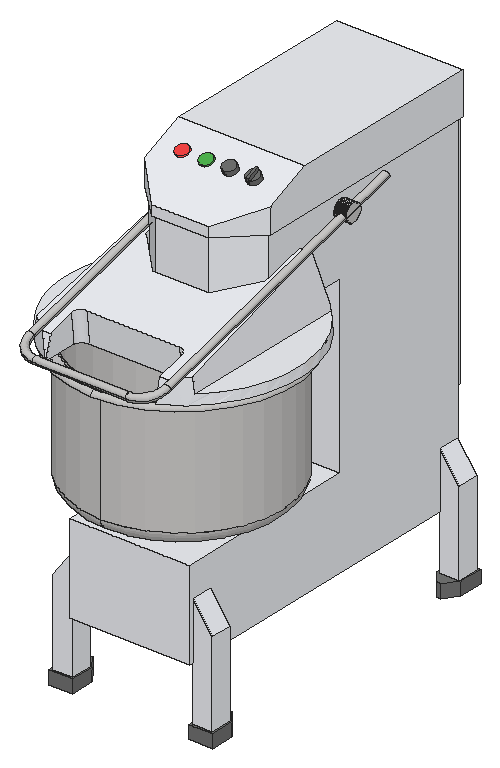
Revit family "QF_ELECTROLUXPROFESSIONAL_601256_PSF50", category Specialty Equipment, Revit 2018
Family settings
  Round Connector Dimension = Use Diameter
  Part Type = Normal
  Work Plane-Based = No
  Always vertical = Yes
  Cut with Voids When Loaded = No
  Shared = No
  Room Calculation Point = No
Parameters (values of type "QF_ELECTROLUX_601256_PSF50")
  Weight = 149.00 kg
  Watts = 0 W
  Volts = 380 V
  URL Manufacturer = "http://professional.electrolux.com"
  URL = "http://professional.electrolux.com"
  Steam Supply Size = 0 mm
  Steam Supply Minimum Pressure = 0.0 Pa
  Steam Supply Maximum Pressure = 0.0 Pa
  Steam Pounds per Hour = 0
  Refrigeration Suction Line Size = 0 mm
  Refrigeration Liquid Line Size = 0 mm
  Refrigerant Compressor Remote = yes
  Manufacturer = "Electrolux"
  Phase = 3
  Model = "PSF50"
  Length Actual = 537 mm  # constant formula
  Item Number = "601256"
  Hot Water Size = 0 mm
  Height Actual = 1043 mm  # constant formula
  HP = "2.7 HP"
  Gas Size = 0 mm
  Gas KW = 0
  Gas Input Pressure = 0 W
  Direct Waste Size = 0 mm
  Description = "LIQUID SPIRAL KNEADER 10L 2SP. 400-440/3"
  Depth Actual = 968 mm  # constant formula
  Cycle = 60 Hz
  Condensate Return Size = 0 mm
  Compressed Air Volume = 0.0 L/s
  Compressed Air Size = 0 mm
  Compressed Air Pressure = 0.0 Pa
  Cold Water Size = 0 mm
  Accessory = yes
Reference planes
  plane 1 "Center (Front/Back)": y = 0
  plane 2: z = 0
  plane 3 "Center (Left/Right)": x = 0
  plane 4 "TOP": z = 1043
  plane 5 "FRONT": y = -484
  plane 6 "BACK": y = 484
  plane 7 "LEFT": x = -268.5
  plane 8 "RIGHT": x = 268.5
  plane 9 "BASECOP": z = 725
  plane 10 "PlaneOblique": through (0, -23.645, 876.349) normal (0, -0.2532, 0.9674)
  plane 11 "panel": through (4267.2, -192, 968) normal (0, -0.3907, 0.9205)
  plane 12: through (0, 185.982, 988.603) normal (0, 0.6648, -0.747)
  plane 13: z = 1507
Forms (mm)
  Extrusion 1, solid, material "QF_Finishes_White"
    sketch origin (0, 0, 0) x (1, 0, 0) y (0, 0, 1)
      loop
        line (-182.5, 30) -> (-137.5, 30) -> (-137.5, 286.842) -> (-182.5, 222.575) -> (-182.5, 30)
    from -430 to -380
  Extrusion 2, solid, material "QF_Finishes_White"
    sketch origin (0, 0, 2.425) x (1, 0, 0) y (0, 0, 1)
      loop
        line (-182.5, 27.575) -> (-137.5, 27.575) -> (-137.5, 286.842) -> (-182.5, 222.575) -> (-182.5, 27.575)
    from 280 to 330
  Extrusion 3, solid, material "QF_Finishes_Rubber Black"
    sketch origin (0, 100, 0) x (1, 0, 0) y (0, 1, 0)
      loop
        line (-187.5, -435) -> (-132.5, -435) -> (-132.5, -380) -> (-155, -350) -> (-165, -350) -> (-187.5, -380) -> (-187.5, -435)
    from 0 to 30
  Extrusion 4, solid, material "QF_Finishes_Rubber Black"
    sketch origin (0, 0, 0) x (1, 0, 0) y (0, 1, 0)
      loop
        line (-187.5, 435) -> (-187.5, 380) -> (-165, 350) -> (-155, 350) -> (-132.5, 380) -> (-132.5, 435) -> (-187.5, 435)
    from 0 to 30
  Extrusion 5, solid, material "QF_Finishes_White"
    sketch origin (0, 0, 0) x (-1, 0, 0) y (0, 0, -1)
      loop
        line (-182.5, -30) -> (-182.5, -222.575) -> (-137.5, -286.842) -> (-137.5, -30) -> (-182.5, -30)
    from -430 to -380
  Extrusion 6, solid, material "QF_Finishes_White"
    sketch origin (0, 0, 2.425) x (-1, 0, 0) y (0, 0, -1)
      loop
        line (-182.5, -27.575) -> (-182.5, -222.575) -> (-137.5, -286.842) -> (-137.5, -27.575) -> (-182.5, -27.575)
    from 280 to 330
  Extrusion 7, solid, material "QF_Finishes_Rubber Black"
    sketch origin (0, 100, 0) x (-1, 0, 0) y (0, -1, 0)
      loop
        line (-187.5, 435) -> (-187.5, 380) -> (-165, 350) -> (-155, 350) -> (-132.5, 380) -> (-132.5, 435) -> (-187.5, 435)
    from 0 to 30
  Extrusion 8, solid, material "QF_Finishes_Rubber Black"
    sketch origin (0, 0, 0) x (-1, 0, 0) y (0, -1, 0)
      loop
        line (-187.5, -435) -> (-132.5, -435) -> (-132.5, -380) -> (-155, -350) -> (-165, -350) -> (-187.5, -380) -> (-187.5, -435)
    from 0 to 30
  Extrusion 9, solid, material "QF_Finishes_White"
    sketch origin (0, 0, 0) x (0, 1, 0) y (0, 0, 1)
      loop
        line (-338, 155) -> (433, 155) -> (433, 945) -> (-187, 945) -> (-187, 761.245) -> (94.759, 761.245) -> (94.759, 360) -> (-338, 360) -> (-338, 155)
    from -137.5 to 137.5
  Extrusion 10, void
    sketch origin (0, 0, 0) x (1, 0, 0) y (0, 1, 0)
      loop
        line (-137.5, -110) -> (-137.5, -187) -> (-60.5, -187) -> (-137.5, -110)
      loop
        line (137.5, -110) -> (60.5, -187) -> (137.5, -187) -> (137.5, -110)
    from 761.245 to 945
  Extrusion 11, solid, material "QF_Finishes_White"
    sketch origin (0, 0, 0) x (1, 0, 0) y (0, 1, 0)
      loop
        line (-144.5, -112.971) -> (-65.471, -192) -> (65.471, -192) -> (144.5, -112.971) -> (144.5, 438) -> (-144.5, 438) -> (-144.5, -112.971)
    from 945 to 1043
  Extrusion 12, void
    sketch origin (0, 0, 0) x (0, 1, 0) y (0, 0, 1)
      loop
        line (-192, 968) -> (-15.311, 1043) -> (-192, 1043) -> (-192, 968)
    from -149.5 to 149.5
  Blend 13, solid, material "QF_Finishes_White"
    base sketch origin (0, 0, 725) x (-1, 0, 0) y (0, -1, 0)
      loop
        line (137.5, -20) -> (173.399, -20)
        arc (173.399, -20) -> (266.984, 213.49) -> (126.236, 421.974) r 268.5
        line (126.236, 421.974) -> (126.236, 341.974)
        arc (126.236, 341.974) -> (120.378, 327.832) -> (106.236, 321.974) r 20
        line (106.236, 321.974) -> (-106.236, 321.974)
        arc (-106.236, 321.974) -> (-120.378, 327.832) -> (-126.236, 341.974) r 20
        line (-126.236, 341.974) -> (-126.236, 421.974)
        arc (-126.236, 421.974) -> (-266.984, 213.49) -> (-173.399, -20) r 268.5
        line (-173.399, -20) -> (-137.5, -20) -> (-137.5, 119.971) -> (-65.471, 192) -> (65.471, 192) -> (137.5, 119.971) -> (137.5, -20)
    top sketch origin (0, 0, 725) x (-1, 0, 0) y (0, -1, 0)
      loop
        arc (177.258, -5.892) -> (258.588, 216.506) -> (126.236, 412.87) r 260.5
        line (126.236, 412.87) -> (126.236, 358)
        arc (126.236, 358) -> (120.378, 343.858) -> (106.236, 338) r 20
        line (106.236, 338) -> (-106.236, 338)
        arc (-106.236, 338) -> (-120.378, 343.858) -> (-126.236, 358) r 20
        line (-126.236, 358) -> (-126.236, 412.87)
        arc (-126.236, 412.87) -> (-258.588, 216.506) -> (-177.258, -5.892) r 260.5
        line (-177.258, -5.892) -> (-138.225, -5.892) -> (-138.225, 119.245) -> (-65.471, 192) -> (65.471, 192) -> (137.5, 119.971) -> (137.5, -5.892) -> (177.258, -5.892)
    from 0 to 151.349
  Extrusion 14, void
    sketch origin (0, 0, 0) x (0, 1, 0) y (0, 0, 1)
      loop
        line (-421.974, 725) -> (-408.407, 775.632) -> (-23.645, 876.349) -> (20, 725) -> (20, 885) -> (-421.974, 885) -> (-421.974, 725)
    from -324.387 to 310.743
  Extrusion 15, void
    sketch origin (0, -484, 0) x (-1, 0, 0) y (0, 0, 1)
      loop
        line (-167.5, 876.349) -> (-268.5, 876.349) -> (-268.5, 747.132) -> (-183.366, 747.132) -> (-167.5, 876.349)
      loop
        line (167.5, 876.349) -> (183.366, 747.132) -> (268.5, 747.132) -> (268.5, 876.349) -> (167.5, 876.349)
    from 0 to 578.759
  Sweep 16, solid, material "QF_Finishes_Stainless Steel"
    path origin (-6, -216.202, 825.945) x (0, 0.967406, 0.253231) y (-1, 0, 0)
      loop
        line (431.86, -163.009) -> (-218.14, -163.009)
        arc (-218.14, -163.009) -> (-253.495, -148.365) -> (-268.14, -113.009) r 50
        line (-268.14, -113.009) -> (-268.14, 101.009)
        arc (-268.14, 101.009) -> (-253.495, 136.365) -> (-218.14, 151.009) r 50
        line (-218.14, 151.009) -> (431.86, 151.009)
    profile origin (157.009, -112.824, 853.005) x (1, 0, 0) y (0, -0.253231, 0.967406)
      loop
        circle (0, 0) r 8
  Sweep 17, void
    path origin (6, -216.202, 825.945) x (0, 0.967406, 0.253231) y (1, 0, 0)
      loop
        line (268.86, -163.009) -> (-411.14, -163.009)
    profile origin (-157.009, -285.022, 807.93) x (1, 0, 0) y (0, -0.253231, 0.967406)
      loop
        circle (0, 0) r 8
  Sweep 18, void
    path origin (-6, -216.202, 825.945) x (0, 0.967406, 0.253231) y (-1, 0, 0)
      loop
        line (268.86, -163.009) -> (-411.14, -163.009)
    profile origin (157.009, -285.022, 807.93) x (1, 0, 0) y (0, -0.253231, 0.967406)
      loop
        circle (0, 0) r 8
  Extrusion 19, solid, material "QF_Finishes_Stainless Steel"
    sketch origin (0, 0, 0) x (0, 1, 0) y (0, 0, 1)
      loop
        circle (94.644, 907.312) r 20
    from 137.5 to 168.238
  Extrusion 20, solid, material "QF_Finishes_Stainless Steel"
    sketch origin (0, 0, 0) x (0, 1, 0) y (0, 0, -1)
      loop
        circle (94.644, -907.312) r 20
    from 137.5 to 168.238
  Revolve 21, solid, material "QF_Finishes_Stainless Steel"
    sketch origin (0, 0, 0) x (0, 1, 0) y (0, 0, 1)
      loop
        line (-189.292, 398.669) -> (-189.292, 406.669) -> (-333.601, 406.669)
        arc (-333.601, 406.669) -> (-367.04, 411.513) -> (-398.828, 422.967) r 167.565
        arc (-398.828, 422.967) -> (-409.084, 431.607) -> (-413.859, 444.139) r 26.756
        line (-413.859, 444.139) -> (-413.859, 708.669)
        arc (-413.859, 708.669) -> (-416.105, 715.073) -> (-421.859, 718.669) r 10.25
        line (-421.859, 718.669) -> (-439.292, 718.669)
        arc (-439.292, 718.669) -> (-446.363, 715.74) -> (-449.292, 708.669) r 10
        line (-449.292, 708.669) -> (-429.859, 708.669)
        arc (-429.859, 708.669) -> (-424.202, 706.326) -> (-421.859, 700.669) r 8
        line (-421.859, 700.669) -> (-421.859, 443.725)
        arc (-421.859, 443.725) -> (-415.743, 427.169) -> (-402.285, 415.752) r 34.756
        arc (-402.285, 415.752) -> (-368.895, 403.731) -> (-333.771, 398.669) r 175.565
        line (-333.771, 398.669) -> (-189.292, 398.669)
      axis (-189.292, 398.669) -> (-189.292, 718.669)
    angle from 0 to 360
  Extrusion 22, solid, material "QF_Finishes_Red"
    sketch origin (0, -377.473, 889.271) x (0, -0.920505, -0.390731) y (1, 0, 0)
      loop
        circle (-330.13, -90.153) r 15
    from 0 to 2
  Extrusion 23, solid, material "QF_Finishes_Green"
    sketch origin (55, -377.473, 889.271) x (0, -0.920505, -0.390731) y (1, 0, 0)
      loop
        circle (-330.13, -90.153) r 15
    from 0 to 2
  Extrusion 24, solid, material "QF_Finishes_Rubber Black"
    sketch origin (110, -377.473, 889.271) x (0, -0.920505, -0.390731) y (1, 0, 0)
      loop
        circle (-330.13, -90.153) r 15
    from -5.719 to 10
  Extrusion 25, solid, material "QF_Finishes_Rubber Black"
    sketch origin (165, -377.473, 889.271) x (0, -0.920505, -0.390731) y (1, 0, 0)
      loop
        circle (-330.13, -90.153) r 15
    from -5.719 to 10
  Extrusion 26, solid, material "QF_Finishes_Rubber Black"
    sketch origin (0, -377.473, 889.271) x (0, -0.920505, -0.390731) y (1, 0, 0)
      loop
        arc (-315.434, 71.847) -> (-315.13, 74.847) -> (-315.434, 77.847) r 15
        line (-315.434, 77.847) -> (-344.827, 77.847)
        arc (-344.827, 77.847) -> (-345.13, 74.847) -> (-344.827, 71.847) r 15
        line (-344.827, 71.847) -> (-315.434, 71.847)
    from 16.758 to 10
  Extrusion 27, solid, material "QF_Finishes_White"
    sketch origin (0, 0, 0) x (1, 0, 0) y (0, 1, 0)
      loop
        line (-100, 435) -> (100, 435) -> (100, 484) -> (-100, 484) -> (-100, 435)
    from 920 to 360
  Extrusion 28, void
    sketch origin (0, 484, 258.14) x (-1, 0, 0) y (0, 0, 1)
      loop
        circle (0, 171.86) r 12
    from 0 to -6.991
  Extrusion 29, solid, material "QF_Finishes_Stainless Steel"
    sketch origin (0, 484, 0) x (-1, 0, 0) y (0, 0, 1)
      loop
        circle (0, 430) r 10
    from 0 to -6.991
  Blend 30, solid, material "QF_Door-Drawer Clearances", detail levels coarse
    base sketch origin (0, 96.204, 1112.721) x (-1, 0, 0) y (0, 0.891007, 0.45399)
      loop
        line (137.5, -20) -> (173.399, -20)
        arc (173.399, -20) -> (266.984, 213.49) -> (126.236, 421.974) r 268.5
        line (126.236, 421.974) -> (126.236, 341.974)
        arc (126.236, 341.974) -> (120.378, 327.832) -> (106.236, 321.974) r 20
        line (106.236, 321.974) -> (-106.236, 321.974)
        arc (-106.236, 321.974) -> (-120.378, 327.832) -> (-126.236, 341.974) r 20
        line (-126.236, 341.974) -> (-126.236, 421.974)
        arc (-126.236, 421.974) -> (-266.984, 213.49) -> (-173.399, -20) r 268.5
        line (-173.399, -20) -> (-137.5, -20) -> (-137.5, 119.971) -> (-65.471, 192) -> (65.471, 192) -> (137.5, 119.971) -> (137.5, -20)
    top sketch origin (0, 96.204, 1112.721) x (-1, 0, 0) y (0, 0.891007, 0.45399)
      loop
        arc (177.258, -5.892) -> (258.588, 216.506) -> (126.236, 412.87) r 260.5
        line (126.236, 412.87) -> (126.236, 358)
        arc (126.236, 358) -> (120.378, 343.858) -> (106.236, 338) r 20
        line (106.236, 338) -> (-106.236, 338)
        arc (-106.236, 338) -> (-120.378, 343.858) -> (-126.236, 358) r 20
        line (-126.236, 358) -> (-126.236, 412.87)
        arc (-126.236, 412.87) -> (-258.588, 216.506) -> (-177.258, -5.892) r 260.5
        line (-177.258, -5.892) -> (-138.225, -5.892) -> (-138.225, 119.245) -> (-65.471, 192) -> (65.471, 192) -> (137.5, 119.971) -> (137.5, -5.892) -> (177.258, -5.892)
    from 0 to 151.349
  Extrusion 31, void
    sketch origin (0, -232.939, 1758.701) x (0, -0.891007, -0.45399) y (0, 0.45399, -0.891007)
      loop
        line (-421.974, 725) -> (-408.407, 775.632) -> (-23.645, 876.349) -> (20, 725) -> (20, 885) -> (-421.974, 885) -> (-421.974, 725)
    from -324.387 to 310.743
  Extrusion 32, void
    sketch origin (0, 198.308, 1978.432) x (-1, 0, 0) y (0, 0.45399, -0.891007)
      loop
        line (-167.5, 876.349) -> (-268.5, 876.349) -> (-268.5, 747.132) -> (-183.366, 747.132) -> (-167.5, 876.349)
      loop
        line (167.5, 876.349) -> (183.366, 747.132) -> (268.5, 747.132) -> (268.5, 876.349) -> (167.5, 876.349)
    from 0 to 578.759
  Sweep 33, void
    path origin (6, -408.761, 459.287) x (0, -0.747, -0.664824) y (1, 0, 0)
      loop
        line (-726.36, -163.009) -> (-1406.36, -163.009)
    profile origin (-157.009, 387.81, 1168.228) x (1, 0, 0) y (0, 0.664824, -0.747)
      loop
        circle (0, 0) r 8
  Sweep 34, void
    path origin (-6, -408.761, 459.287) x (0, -0.747, -0.664824) y (-1, 0, 0)
      loop
        line (-726.36, -163.009) -> (-1406.36, -163.009)
    profile origin (157.009, 387.81, 1168.228) x (1, 0, 0) y (0, 0.664824, -0.747)
      loop
        circle (0, 0) r 8
  Extrusion 35, solid, material "QF_Finishes_Stainless Steel"
    sketch origin (0, -232.939, 1758.701) x (0, -0.891007, -0.45399) y (0, 0.45399, -0.891007)
      loop
        circle (94.644, 907.312) r 20
    from 137.5 to 168.238
  Extrusion 36, solid, material "QF_Finishes_Stainless Steel"
    sketch origin (0, -232.939, 1758.701) x (0, -0.891007, -0.45399) y (0, -0.45399, 0.891007)
      loop
        circle (94.644, -907.312) r 20
    from 137.5 to 168.238
  Sweep 37, solid, material "QF_Door-Drawer Clearances", detail levels coarse
    path origin (-6, 334.669, 1120.933) x (0, -0.747, -0.664824) y (-1, 0, 0)
      loop
        line (431.86, -163.009) -> (-218.14, -163.009)
        arc (-218.14, -163.009) -> (-253.495, -148.365) -> (-268.14, -113.009) r 50
        line (-268.14, -113.009) -> (-268.14, 101.009)
        arc (-268.14, 101.009) -> (-253.495, 136.365) -> (-218.14, 151.009) r 50
        line (-218.14, 151.009) -> (431.86, 151.009)
    profile origin (157.009, 254.844, 1049.889) x (1, 0, 0) y (0, 0.664824, -0.747)
      loop
        circle (0, 0) r 8
  Extrusion 38, solid, material "QF_Door-Drawer Clearances", detail levels coarse
    sketch origin (0, 0, 0) x (0, 1, 0) y (0, 0, 1)
      loop
        arc (542.611, 1305.999) -> (-188.451, 1435.973) -> (-485.498, 755.453) r 599.688
        line (-485.498, 755.453) -> (-484.53, 755.706)
        arc (-484.53, 755.706) -> (-187.953, 1435.106) -> (541.902, 1305.291) r 598.688
        line (541.902, 1305.291) -> (542.611, 1305.999)
    from 183.366 to -165.009
Cuts and joins
  Extrusion 10, Extrusion 31 cuts Extrusion 9
  Extrusion 12 cuts Extrusion 11
  Extrusion 14, Extrusion 15, Sweep 17, Sweep 18, Extrusion 31, Extrusion 32, Sweep 33, Sweep 34 cuts Blend 13
  Extrusion 31, Sweep 33, Sweep 34 cuts Sweep 16
  Extrusion 31, Sweep 33, Sweep 34 cuts Extrusion 20
  joined: Sweep 16, Extrusion 20
  joined: Extrusion 25, Extrusion 26
  Extrusion 28 cuts Extrusion 27
  Extrusion 31, Extrusion 32, Sweep 33, Sweep 34 cuts Blend 30
Lines and regions (mm)
  symbolic lines
    curve 1: line (-100, 484, 0) -> (-100, 438, 0)
    curve 2: line (100, 484, 0) -> (-100, 484, 0)
    curve 3: line (100, 438, 0) -> (100, 484, 0)
    curve 4: line (144.5, 438, 0) -> (-144.5, 438, 0)
    curve 5: line (-144.5, 438, 0) -> (-144.5, -427, 0)
    curve 6: line (144.5, -427, 0) -> (144.5, 438, 0)
    curve 7: line (-144.5, 430, 0) -> (-182.5, 430, 0)
    curve 8: line (-187.5, 435, 0) -> (-187.5, 380, 0)
    curve 9: line (-182.5, 380, 0) -> (-144.5, 380, 0)
    curve 10: line (-187.5, 380, 0) -> (-165, 350, 0)
    curve 11: line (-165, 350, 0) -> (-155, 350, 0)
    curve 12: spline (-149.009, 201.542, 0) -> (-149.279, 202.063, 0) -> (-150.072, 202.549, 0) -> (-151.333, 202.965, 0) -> (-152.977, 203.285, 0) -> (-154.891, 203.487, 0) -> (-156.945, 203.555, 0) -> (-158.999, 203.487, 0) -> (-160.913, 203.285, 0) -> (-162.557, 202.965, 0) -> (-163.818, 202.549, 0) -> (-164.611, 202.063, 0) -> (-164.881, 201.542, 0)
    curve 13: spline (-164.881, 201.542, 0) -> (-164.611, 201.018, 0) -> (-163.818, 200.529, 0) -> (-162.557, 200.109, 0) -> (-160.913, 199.787, 0) -> (-158.999, 199.585, 0) -> (-156.945, 199.516, 0) -> (-154.891, 199.585, 0) -> (-152.977, 199.787, 0) -> (-151.333, 200.109, 0) -> (-150.072, 200.529, 0) -> (-149.279, 201.018, 0) -> (-149.009, 201.542, 0)
    curve 14: line (-168.238, 74.644, 0) -> (-144.5, 74.644, 0)
    curve 15: line (-168.238, 114.644, 0) -> (-168.238, 74.644, 0)
    curve 16: line (-144.5, -112.971, 0) -> (-65.471, -192, 0)
    curve 17: line (-65.471, -192, 0) -> (65.471, -192, 0)
    curve 18: line (65.471, -192, 0) -> (144.5, -112.971, 0)
    curve 19: line (-165.009, -427, 0) -> (-165.009, 74.644, 0)
    curve 20: arc (-126.236, -421.974, 0) -> (-135.473, -416.817, 0) -> (-144.5, -411.301, 0) r 268.5
    curve 21: line (-173.399, 20, 0) -> (-165.009, 20, 0)
    curve 22: line (-126.236, -421.974, 0) -> (-126.236, -341.974, 0)
    curve 23: spline (-106.677, -329.522, 0) -> (-109.254, -329.746, 0) -> (-111.779, -330.289, 0) -> (-114.211, -331.142, 0) -> (-116.51, -332.291, 0) -> (-118.636, -333.717, 0) -> (-120.555, -335.395, 0) -> (-122.235, -337.299, 0) -> (-123.647, -339.396, 0) -> (-124.769, -341.651, 0) -> (-125.582, -344.027, 0) -> (-126.071, -346.484, 0) -> (-126.23, -348.982, 0)
    curve 24: line (106.677, -329.522, 0) -> (-106.677, -329.522, 0)
    curve 25: spline (126.23, -348.982, 0) -> (126.071, -346.484, 0) -> (125.582, -344.027, 0) -> (124.769, -341.651, 0) -> (123.647, -339.396, 0) -> (122.235, -337.299, 0) -> (120.555, -335.395, 0) -> (118.636, -333.717, 0) -> (116.51, -332.291, 0) -> (114.211, -331.142, 0) -> (111.779, -330.289, 0) -> (109.254, -329.746, 0) -> (106.677, -329.522, 0)
    curve 26: line (126.236, -341.974, 0) -> (126.236, -421.974, 0)
    curve 27: arc (173.399, 20, 0) -> (268.446, -190.403, 0) -> (165.009, -396.812, 0) r 268.5
    curve 28: line (-183.366, -379.53, 0) -> (-183.366, 9.486, 0)
    curve 29: line (183.366, -379.53, 0) -> (183.366, 9.486, 0)
    curve 30: spline (-105.153, -74.368, 0) -> (-104.642, -77.942, 0) -> (-103.144, -81.272, 0) -> (-100.76, -84.131, 0) -> (-97.653, -86.326, 0) -> (-94.035, -87.705, 0) -> (-90.153, -88.176, 0) -> (-86.271, -87.705, 0) -> (-82.653, -86.326, 0) -> (-79.547, -84.131, 0) -> (-77.163, -81.272, 0) -> (-75.664, -77.942, 0) -> (-75.153, -74.368, 0)
    curve 31: spline (-20.153, -74.368, 0) -> (-20.664, -70.794, 0) -> (-22.163, -67.464, 0) -> (-24.547, -64.605, 0) -> (-27.653, -62.41, 0) -> (-31.271, -61.031, 0) -> (-35.153, -60.56, 0) -> (-39.035, -61.031, 0) -> (-42.653, -62.41, 0) -> (-45.76, -64.605, 0) -> (-48.144, -67.464, 0) -> (-49.642, -70.794, 0) -> (-50.153, -74.368, 0)
    curve 32: spline (20.475, -63.698, 0) -> (20.423, -63.696, 0) -> (20.37, -63.695, 0) -> (20.318, -63.693, 0) -> (20.266, -63.692, 0) -> (20.213, -63.69, 0) -> (20.161, -63.689, 0) -> (20.109, -63.688, 0) -> (20.056, -63.688, 0) -> (20.004, -63.687, 0) -> (19.952, -63.687, 0) -> (19.899, -63.686, 0) -> (19.847, -63.686, 0)
    curve 33: spline (77.847, -91.022, 0) -> (81.094, -90.047, 0) -> (84.018, -88.42, 0) -> (86.466, -86.227, 0) -> (88.311, -83.58, 0) -> (89.458, -80.618, 0) -> (89.847, -77.494, 0) -> (89.458, -74.37, 0) -> (88.311, -71.408, 0) -> (86.466, -68.761, 0) -> (84.018, -66.568, 0) -> (81.094, -64.941, 0) -> (77.847, -63.965, 0)
    curve 34: spline (71.847, -63.965, 0) -> (68.599, -64.941, 0) -> (65.676, -66.568, 0) -> (63.228, -68.761, 0) -> (61.383, -71.408, 0) -> (60.236, -74.37, 0) -> (59.847, -77.494, 0) -> (60.236, -80.618, 0) -> (61.383, -83.58, 0) -> (63.228, -86.227, 0) -> (65.676, -88.42, 0) -> (68.599, -90.047, 0) -> (71.847, -91.022, 0)
    curve 35: spline (71.847, -93.663, 0) -> (72.342, -93.748, 0) -> (72.839, -93.818, 0) -> (73.339, -93.872, 0) -> (73.841, -93.911, 0) -> (74.344, -93.934, 0) -> (74.847, -93.942, 0) -> (75.35, -93.934, 0) -> (75.853, -93.911, 0) -> (76.354, -93.872, 0) -> (76.854, -93.818, 0) -> (77.352, -93.748, 0) -> (77.847, -93.663, 0)
    curve 36: line (77.847, -93.663, 0) -> (77.847, -63.965, 0)
    curve 37: line (71.847, -63.965, 0) -> (71.847, -93.663, 0)
    curve 38: spline (77.847, -66.606, 0) -> (77.352, -66.521, 0) -> (76.854, -66.451, 0) -> (76.354, -66.397, 0) -> (75.853, -66.358, 0) -> (75.35, -66.335, 0) -> (74.847, -66.327, 0) -> (74.344, -66.335, 0) -> (73.841, -66.358, 0) -> (73.339, -66.397, 0) -> (72.839, -66.451, 0) -> (72.342, -66.521, 0) -> (71.847, -66.606, 0)
    curve 39: line (165.009, 74.644, 0) -> (165.009, -427, 0)
    curve 40: line (168.238, 74.644, 0) -> (168.238, 114.644, 0)
    curve 41: spline (149.009, 201.583, 0) -> (149.282, 202.107, 0) -> (150.081, 202.596, 0) -> (151.353, 203.015, 0) -> (153.009, 203.337, 0) -> (154.939, 203.539, 0) -> (157.009, 203.608, 0) -> (159.08, 203.539, 0) -> (161.009, 203.337, 0) -> (162.666, 203.015, 0) -> (163.938, 202.596, 0) -> (164.737, 202.107, 0) -> (165.009, 201.583, 0)
    curve 42: spline (165.009, 201.583, 0) -> (164.737, 201.058, 0) -> (163.938, 200.57, 0) -> (162.666, 200.15, 0) -> (161.009, 199.828, 0) -> (159.08, 199.626, 0) -> (157.009, 199.557, 0) -> (154.939, 199.626, 0) -> (153.009, 199.828, 0) -> (151.353, 200.15, 0) -> (150.081, 200.57, 0) -> (149.282, 201.058, 0) -> (149.009, 201.583, 0)
    curve 43: line (149.009, 113.992, 0) -> (164.9, 113.992, 0)
    curve 44: line (168.238, 74.644, 0) -> (144.5, 74.644, 0)
    curve 45: line (173.399, 20, 0) -> (168.399, 20, 0)
    curve 46: line (-164.675, 201.998, 0) -> (-164.675, 113.287, 0)
    curve 47: line (164.9, 113.992, 0) -> (164.9, 201.917, 0)
    curve 48: line (168.238, 114.644, 0) -> (164.9, 114.644, 0)
    curve 51: line (-187.5, 435, 0) -> (-144.5, 435, 0)
    curve 52: line (-182.5, 430, 0) -> (-182.5, 380, 0)
    curve 53: line (-155, 350, 0) -> (-144.5, 364, 0)
    curve 54: line (144.5, 430, 0) -> (182.5, 430, 0)
    curve 55: line (187.5, 435, 0) -> (187.5, 380, 0)
    curve 56: line (182.5, 380, 0) -> (144.5, 380, 0)
    curve 57: line (187.5, 380, 0) -> (165, 350, 0)
    curve 58: line (165, 350, 0) -> (155, 350, 0)
    curve 59: line (187.5, 435, 0) -> (144.5, 435, 0)
    curve 60: line (182.5, 430, 0) -> (182.5, 380, 0)
    curve 61: line (155, 350, 0) -> (144.5, 364, 0)
    curve 62: line (-168.238, 114.644, 0) -> (-164.675, 114.644, 0)
    curve 63: arc (-164.675, 113.287, 0) -> (-154.468, 108.825, 0) -> (-144.5, 113.799, 0) r 13.148
    curve 64: arc (-165.009, -396.812, 0) -> (-268.446, -190.403, 0) -> (-173.399, 20, 0) r 268.5
    curve 65: arc (144.5, -411.301, 0) -> (135.473, -416.817, 0) -> (126.236, -421.974, 0) r 268.5
    curve 66: line (-108.009, -484, 0) -> (110.993, -484, 0)
    curve 67: line (-103, -468.5, 0) -> (110.993, -468.5, 0)
    curve 68: arc (-144.5, -427, 0) -> (-132.345, -456.345, 0) -> (-103, -468.5, 0) r 41.5
    curve 69: arc (-165.009, -427, 0) -> (-148.314, -467.305, 0) -> (-108.009, -484, 0) r 57
    curve 70: arc (144.5, -427, 0) -> (132.345, -456.345, 0) -> (103, -468.5, 0) r 41.5
    curve 71: arc (165.009, -427, 0) -> (148.314, -467.305, 0) -> (108.009, -484, 0) r 57
    curve 72: spline (4.847, -77.494, 0) -> (5.358, -81.068, 0) -> (6.856, -84.398, 0) -> (9.24, -87.257, 0) -> (12.347, -89.452, 0) -> (15.965, -90.831, 0) -> (19.847, -91.301, 0) -> (23.729, -90.831, 0) -> (27.347, -89.452, 0) -> (30.453, -87.257, 0) -> (32.837, -84.398, 0) -> (34.336, -81.068, 0) -> (34.847, -77.494, 0)
    curve 73: spline (-50.153, -73.587, 0) -> (-49.642, -70.013, 0) -> (-48.144, -66.683, 0) -> (-45.76, -63.823, 0) -> (-42.653, -61.629, 0) -> (-39.035, -60.249, 0) -> (-35.153, -59.779, 0) -> (-31.271, -60.249, 0) -> (-27.653, -61.629, 0) -> (-24.547, -63.823, 0) -> (-22.163, -66.683, 0) -> (-20.664, -70.013, 0) -> (-20.153, -73.587, 0)
    curve 74: spline (4.847, -73.587, 0) -> (5.358, -70.013, 0) -> (6.856, -66.683, 0) -> (9.24, -63.823, 0) -> (12.347, -61.629, 0) -> (15.965, -60.249, 0) -> (19.847, -59.779, 0) -> (23.729, -60.249, 0) -> (27.347, -61.629, 0) -> (30.453, -63.823, 0) -> (32.837, -66.683, 0) -> (34.336, -70.013, 0) -> (34.847, -73.587, 0)
    curve 75: spline (59.847, -73.587, 0) -> (60.358, -70.013, 0) -> (61.856, -66.683, 0) -> (64.24, -63.823, 0) -> (67.347, -61.629, 0) -> (70.965, -60.249, 0) -> (74.847, -59.779, 0) -> (78.729, -60.249, 0) -> (82.347, -61.629, 0) -> (85.453, -63.823, 0) -> (87.837, -66.683, 0) -> (89.336, -70.013, 0) -> (89.847, -73.587, 0)
    curve 76: spline (34.847, -77.494, 0) -> (34.336, -73.92, 0) -> (32.837, -70.59, 0) -> (30.453, -67.73, 0) -> (27.347, -65.536, 0) -> (23.729, -64.157, 0) -> (19.847, -63.686, 0) -> (15.965, -64.157, 0) -> (12.347, -65.536, 0) -> (9.24, -67.73, 0) -> (6.856, -70.59, 0) -> (5.358, -73.92, 0) -> (4.847, -77.494, 0)
    curve 77: spline (-50.153, -74.368, 0) -> (-49.642, -77.942, 0) -> (-48.144, -81.272, 0) -> (-45.76, -84.131, 0) -> (-42.653, -86.326, 0) -> (-39.035, -87.705, 0) -> (-35.153, -88.176, 0) -> (-31.271, -87.705, 0) -> (-27.653, -86.326, 0) -> (-24.547, -84.131, 0) -> (-22.163, -81.272, 0) -> (-20.664, -77.942, 0) -> (-20.153, -74.368, 0)
    curve 78: spline (-75.153, -74.368, 0) -> (-75.664, -70.794, 0) -> (-77.163, -67.464, 0) -> (-79.547, -64.605, 0) -> (-82.653, -62.41, 0) -> (-86.271, -61.031, 0) -> (-90.153, -60.56, 0) -> (-94.035, -61.031, 0) -> (-97.653, -62.41, 0) -> (-100.76, -64.605, 0) -> (-103.144, -67.464, 0) -> (-104.642, -70.794, 0) -> (-105.153, -74.368, 0)
    curve 79: spline (-105.153, -73.587, 0) -> (-104.642, -70.013, 0) -> (-103.144, -66.683, 0) -> (-100.76, -63.823, 0) -> (-97.653, -61.629, 0) -> (-94.035, -60.249, 0) -> (-90.153, -59.779, 0) -> (-86.271, -60.249, 0) -> (-82.653, -61.629, 0) -> (-79.547, -63.823, 0) -> (-77.163, -66.683, 0) -> (-75.664, -70.013, 0) -> (-75.153, -73.587, 0)
    curve 82: line (89.847, -77.494, 0) -> (89.847, -73.587, 0)
    curve 83: line (59.847, -77.494, 0) -> (59.847, -73.587, 0)
    curve 84: line (34.847, -77.494, 0) -> (34.847, -73.587, 0)
    curve 85: line (4.847, -77.494, 0) -> (4.847, -73.587, 0)
    curve 86: arc (-126.236, -375.02, 0) -> (0, -413.859, 0) -> (126.236, -375.02, 0) r 224.567
    curve 87: arc (-126.236, -384.617, 0) -> (0, -421.859, 0) -> (126.236, -384.617, 0) r 232.567
    curve 88: arc (-126.236, -416.342, 0) -> (0, -449.292, 0) -> (126.236, -416.342, 0) r 258.29
    curve 89: line (-144.5, -15.311, 0) -> (144.5, -15.311, 0)
    curve 92: line (0, 477.009, 430) -> (0, 478.009, 430)
  model lines
    curve 49: line (149.5, 113.119, 0) -> (148.58, 112.499, 0)
    curve 50: line (149.5, 113.119, 0) -> (148.312, 111.753, 0)
    curve 80: line (59.847, -77.494, 0) -> (59.847, -73.587, 0)
    curve 81: line (89.847, -77.494, 0) -> (89.847, -73.587, 0)
    curve 90: line (0, 94.644, 887.312) -> (0, 94.644, 927.312)
    curve 91: line (0, 85.564, 925.133) -> (0, 103.724, 889.492)
Dimensions and locks
  plane 4 "TOP" to level = 1043 mm  (x2)
  equal spacing: plane 7 "LEFT", plane 3 "Center (Left/Right)", plane 8 "RIGHT"
  equal spacing: plane 6 "BACK", plane 1 "Center (Front/Back)", plane 5 "FRONT"
  plane 7 "LEFT" to plane 8 "RIGHT" = 537 mm
  plane 6 "BACK" to plane 5 "FRONT" = 968 mm
  plane 13 to level = 1507 mm  (x2)
  level to curve 92 = 430 mm
  plane 8 "RIGHT" to plane 7 "LEFT" = 537 mm
  aligned and locked: level to plane 2
Automatic sketch dimensions
  plane 7 "LEFT" to Extrusion 1 sketch curve = 86 mm
  Extrusion 1 sketch curve to Extrusion 1 sketch curve = 45 mm
  level to Extrusion 1 sketch curve = 30 mm
  Extrusion 1 sketch curve to Extrusion 1 sketch curve = 192.575 mm
  Extrusion 1 sketch curve to Extrusion 1 sketch curve = 64.267 mm
  plane 7 "LEFT" to Extrusion 2 sketch curve = 86 mm
  Extrusion 2 sketch curve to Extrusion 2 sketch curve = 45 mm
  level to Extrusion 2 sketch curve = 30 mm
  Extrusion 2 sketch curve to Extrusion 2 sketch curve = 195 mm
  Extrusion 2 sketch curve to Extrusion 2 sketch curve = 64.267 mm
  plane 7 "LEFT" to Extrusion 3 sketch curve = 81 mm
  Extrusion 3 sketch curve to Extrusion 3 sketch curve = 22.5 mm  (x2)
  Extrusion 3 sketch curve to Extrusion 3 sketch curve = 10 mm
  plane 5 "FRONT" to Extrusion 3 sketch curve = 149 mm
  Extrusion 3 sketch curve to Extrusion 3 sketch curve = 55 mm  (x2)
  Extrusion 3 sketch curve to Extrusion 3 sketch curve = 30 mm
  Extrusion 4 sketch curve to plane 7 "LEFT" = 81 mm
  Extrusion 4 sketch curve to Extrusion 4 sketch curve = 22.5 mm  (x2)
  Extrusion 4 sketch curve to Extrusion 4 sketch curve = 10 mm
  plane 6 "BACK" to Extrusion 4 sketch curve = 49 mm
  Extrusion 4 sketch curve to Extrusion 4 sketch curve = 55 mm  (x2)
  Extrusion 4 sketch curve to Extrusion 4 sketch curve = 30 mm
  Extrusion 5 sketch curve to plane 8 "RIGHT" = 86 mm
  Extrusion 5 sketch curve to Extrusion 5 sketch curve = 45 mm
  Extrusion 5 sketch curve to level = 30 mm
  Extrusion 5 sketch curve to Extrusion 5 sketch curve = 192.575 mm
  Extrusion 5 sketch curve to Extrusion 5 sketch curve = 64.267 mm
  Extrusion 6 sketch curve to plane 8 "RIGHT" = 86 mm
  Extrusion 6 sketch curve to Extrusion 6 sketch curve = 45 mm
  Extrusion 6 sketch curve to level = 30 mm
  Extrusion 6 sketch curve to Extrusion 6 sketch curve = 195 mm
  Extrusion 6 sketch curve to Extrusion 6 sketch curve = 64.267 mm
  Extrusion 7 sketch curve to plane 8 "RIGHT" = 81 mm
  Extrusion 7 sketch curve to Extrusion 7 sketch curve = 22.5 mm  (x2)
  Extrusion 7 sketch curve to Extrusion 7 sketch curve = 10 mm
  Extrusion 7 sketch curve to plane 5 "FRONT" = 149 mm
  Extrusion 7 sketch curve to Extrusion 7 sketch curve = 55 mm  (x2)
  Extrusion 7 sketch curve to Extrusion 7 sketch curve = 30 mm
  plane 8 "RIGHT" to Extrusion 8 sketch curve = 81 mm
  Extrusion 8 sketch curve to Extrusion 8 sketch curve = 22.5 mm  (x2)
  Extrusion 8 sketch curve to Extrusion 8 sketch curve = 10 mm
  Extrusion 8 sketch curve to plane 6 "BACK" = 49 mm
  Extrusion 8 sketch curve to Extrusion 8 sketch curve = 55 mm  (x2)
  Extrusion 8 sketch curve to Extrusion 8 sketch curve = 30 mm
  plane 5 "FRONT" to Extrusion 9 sketch curve = 146 mm
  plane 9 "BASECOP" to Extrusion 9 sketch curve = 36.245 mm
  plane 1 "Center (Front/Back)" to Extrusion 9 sketch curve = 187 mm
  Extrusion 9 sketch curve to plane 1 "Center (Front/Back)" = 94.759 mm
  Extrusion 9 sketch curve to plane 6 "BACK" = 51 mm
  level to Extrusion 9 sketch curve = 360 mm
  level to Extrusion 9 sketch curve = 155 mm
  Extrusion 9 sketch curve to plane 4 "TOP" = 98 mm
  plane 7 "LEFT" to Extrusion 10 sketch curve = 131 mm
  Extrusion 10 sketch curve to plane 3 "Center (Left/Right)" = 60.5 mm
  plane 3 "Center (Left/Right)" to Extrusion 10 sketch curve = 60.5 mm
  Extrusion 10 sketch curve to Extrusion 10 sketch curve = 77 mm  (x3)
  plane 1 "Center (Front/Back)" to Extrusion 10 sketch curve = 187 mm
  Extrusion 10 sketch curve to Extrusion 10 sketch curve = 0 mm
  plane 7 "LEFT" to Extrusion 11 sketch curve = 124 mm
  Extrusion 11 sketch curve to plane 3 "Center (Left/Right)" = 65.471 mm
  plane 3 "Center (Left/Right)" to Extrusion 11 sketch curve = 65.471 mm
  Extrusion 11 sketch curve to plane 6 "BACK" = 46 mm
  plane 8 "RIGHT" to Extrusion 11 sketch curve = 124 mm
  plane 1 "Center (Front/Back)" to Extrusion 11 sketch curve = 112.971 mm  (x2)
  Extrusion 11 sketch curve to Extrusion 11 sketch curve = 79.029 mm
  Extrusion 12 sketch curve to plane 11 "panel" = 0 mm  (x2)
  Extrusion 12 sketch curve to plane 4 "TOP" = 0 mm
  Extrusion 12 sketch curve to plane 4 "TOP" = 75 mm
  Blend 13 sketch curve to Blend 13 sketch curve = 0 mm  (x4)
  Blend 13 sketch curve to plane 3 "Center (Left/Right)" = 0 mm  (x2)
  plane 3 "Center (Left/Right)" to Blend 13 sketch curve = 65.471 mm  (x2)
  plane 3 "Center (Left/Right)" to Blend 13 sketch curve = 106.236 mm  (x2)
  Blend 13 sketch curve to Blend 13 sketch curve = 20 mm  (x4)
  Blend 13 sketch curve to plane 1 "Center (Front/Back)" = 20 mm  (x2)
  plane 8 "RIGHT" to Blend 13 sketch curve = 131 mm
  Blend 13 sketch curve to Blend 13 sketch curve = 35.899 mm  (x2)
  Blend 13 sketch curve to plane 3 "Center (Left/Right)" = 65.471 mm  (x2)
  Blend 13 sketch curve to plane 3 "Center (Left/Right)" = 106.236 mm  (x2)
  Blend 13 sketch curve to Blend 13 sketch curve = 72.029 mm
  plane 1 "Center (Front/Back)" to Blend 13 sketch curve = 119.971 mm  (x3)
  Blend 13 sketch curve to Blend 13 sketch curve = 65.029 mm  (x2)
  Blend 13 sketch curve to Blend 13 sketch curve = 7 mm  (x2)
  Blend 13 sketch curve to Blend 13 sketch curve = 100 mm
  Blend 13 sketch curve to Blend 13 sketch curve = 72.755 mm
  Blend 13 sketch curve to plane 1 "Center (Front/Back)" = 5.892 mm  (x2)
  Blend 13 sketch curve to Blend 13 sketch curve = 39.033 mm
  plane 7 "LEFT" to Blend 13 sketch curve = 131 mm
  Blend 13 sketch curve to Blend 13 sketch curve = 39.758 mm
  plane 1 "Center (Front/Back)" to Blend 13 sketch curve = 119.245 mm
  Blend 13 sketch curve to Blend 13 sketch curve = 74.87 mm
  Extrusion 14 sketch curve to plane 9 "BASECOP" = 0 mm  (x2)
  Extrusion 14 sketch curve to plane 10 "PlaneOblique" = 0 mm  (x2)
  plane 5 "FRONT" to Extrusion 14 sketch curve = 62.026 mm
  plane 9 "BASECOP" to Extrusion 14 sketch curve = 50.632 mm
  plane 1 "Center (Front/Back)" to Extrusion 14 sketch curve = 23.645 mm
  Extrusion 14 sketch curve to plane 1 "Center (Front/Back)" = 20 mm
  Extrusion 14 sketch curve to Extrusion 14 sketch curve = 109.368 mm
  plane 8 "RIGHT" to Extrusion 15 sketch curve = 0 mm
  Extrusion 15 sketch curve to plane 7 "LEFT" = 0 mm
  plane 9 "BASECOP" to Extrusion 15 sketch curve = 22.132 mm  (x2)
  plane 8 "RIGHT" to Extrusion 15 sketch curve = 85.134 mm
  plane 8 "RIGHT" to Extrusion 15 sketch curve = 101 mm
  plane 7 "LEFT" to Extrusion 15 sketch curve = 101 mm
  plane 7 "LEFT" to Extrusion 15 sketch curve = 85.134 mm
  Extrusion 15 sketch curve to Extrusion 15 sketch curve = 129.217 mm  (x2)
  plane 3 "Center (Left/Right)" to Sweep 16 sketch curve = 107.009 mm
  Sweep 16 sketch curve to Sweep 16 sketch curve = 50 mm  (x2)
  Sweep 16 sketch curve to plane 3 "Center (Left/Right)" = 107.009 mm
  Sweep 16 sketch curve to Sweep 16 sketch curve = 650 mm
  Sweep 16 sketch curve to Sweep 16 sketch curve = 0 mm
  Sweep 16 sketch curve to plane 10 "PlaneOblique" = 0 mm
  Sweep 16 sketch curve to profile plane = 0 mm
  Sweep 17 sketch curve to plane 7 "LEFT" = 111.491 mm
  Sweep 17 sketch curve to Sweep 17 sketch curve = 680 mm
  Sweep 17 sketch curve to plane 10 "PlaneOblique" = 0 mm
  Sweep 17 sketch curve to profile plane = 0 mm
  plane 8 "RIGHT" to Sweep 18 sketch curve = 111.491 mm
  Sweep 18 sketch curve to Sweep 18 sketch curve = 680 mm
  Sweep 18 sketch curve to plane 10 "PlaneOblique" = 0 mm
  Sweep 18 sketch curve to profile plane = 0 mm
  Extrusion 19 sketch curve to plane 10 "PlaneOblique" = 0 mm
  Extrusion 19 sketch curve to plane 1 "Center (Front/Back)" = 94.644 mm
  Extrusion 20 sketch curve to plane 10 "PlaneOblique" = 0 mm
  Extrusion 20 sketch curve to plane 1 "Center (Front/Back)" = 94.644 mm
  Revolve 21 sketch curve to Revolve 21 sketch curve = 0 mm  (x6)
  Revolve 21 sketch curve to plane 9 "BASECOP" = 16.331 mm
  plane 5 "FRONT" to Revolve 21 sketch curve = 34.708 mm
  Revolve 21 sketch curve to plane 9 "BASECOP" = 6.331 mm
  Revolve 21 sketch curve to Revolve 21 sketch curve = 9.433 mm
  Revolve 21 sketch curve to Revolve 21 sketch curve = 5.75 mm
  plane 5 "FRONT" to Revolve 21 sketch curve = 62.141 mm
  Revolve 21 sketch curve to Revolve 21 sketch curve = 2.25 mm
  Revolve 21 sketch curve to Revolve 21 sketch curve = 10.25 mm
  Revolve 21 sketch curve to Revolve 21 sketch curve = 26.592 mm
  Revolve 21 sketch curve to Revolve 21 sketch curve = 53.496 mm
  Revolve 21 sketch curve to Revolve 21 sketch curve = 0.169 mm
  Revolve 21 sketch curve to Revolve 21 sketch curve = 60.844 mm
  Revolve 21 sketch curve to Revolve 21 sketch curve = 144.479 mm
  Revolve 21 sketch curve to plane 9 "BASECOP" = 150.919 mm
  Revolve 21 sketch curve to Revolve 21 sketch curve = 126.985 mm
  Revolve 21 sketch curve to Revolve 21 sketch curve = 2.957 mm
  Revolve 21 sketch curve to Revolve 21 sketch curve = 0.414 mm
  Revolve 21 sketch curve to Revolve 21 sketch curve = 40.427 mm
  Revolve 21 sketch curve to Revolve 21 sketch curve = 8 mm
  Revolve 21 sketch curve to plane 9 "BASECOP" = 73.331 mm
  Extrusion 22 sketch curve to plane 3 "Center (Left/Right)" = 90.153 mm
  Extrusion 23 sketch curve to plane 3 "Center (Left/Right)" = 35.153 mm
  plane 3 "Center (Left/Right)" to Extrusion 24 sketch curve = 19.847 mm
  plane 3 "Center (Left/Right)" to Extrusion 25 sketch curve = 74.847 mm
  Extrusion 26 sketch curve to Extrusion 26 sketch curve = 0 mm  (x4)
  plane 3 "Center (Left/Right)" to Extrusion 26 sketch curve = 77.847 mm
  Extrusion 26 sketch curve to Extrusion 26 sketch curve = 14.697 mm  (x2)
  Extrusion 26 sketch curve to Extrusion 26 sketch curve = 3 mm
  Extrusion 27 sketch curve to plane 6 "BACK" = 0 mm
  Extrusion 27 sketch curve to plane 3 "Center (Left/Right)" = 100 mm
  plane 3 "Center (Left/Right)" to Extrusion 27 sketch curve = 100 mm
  Extrusion 27 sketch curve to plane 6 "BACK" = 49 mm
  curve 20 to curve 27 = 0 mm
  curve 20 to curve 64 = 0 mm  (x2)
  curve 20 to curve 65 = 0 mm
  curve 27 to curve 65 = 0 mm
  curve 64 to curve 65 = 0 mm
  curve 86 to curve 87 = 0 mm  (x2)
  curve 66 to plane 5 "FRONT" = 0 mm
  curve 2 to plane 6 "BACK" = 0 mm
  curve 88 to plane 3 "Center (Left/Right)" = 0 mm
  curve 20 to plane 3 "Center (Left/Right)" = 0 mm
  curve 87 to plane 3 "Center (Left/Right)" = 0 mm
  curve 16 to plane 3 "Center (Left/Right)" = 65.471 mm
  curve 1 to plane 3 "Center (Left/Right)" = 100 mm
  curve 24 to plane 3 "Center (Left/Right)" = 106.677 mm
  curve 24 to curve 68 = 3.677 mm
  curve 69 to curve 68 = 5.009 mm
  curve 22 to curve 69 = 18.227 mm
  curve 5 to curve 22 = 18.264 mm
  curve 11 to curve 53 = 10.5 mm
  curve 63 to curve 63 = 10.301 mm
  curve 46 to curve 63 = 9.873 mm
  curve 11 to curve 11 = 10 mm
  curve 19 to curve 5 = 20.509 mm
  curve 14 to curve 19 = 3.228 mm
  curve 21 to curve 21 = 8.39 mm
  curve 52 to curve 7 = 38 mm
  curve 51 to curve 7 = 5 mm
  plane 3 "Center (Left/Right)" to curve 85 = 4.847 mm
  curve 85 to curve 84 = 30 mm
  curve 74 to curve 80 = 25 mm
  plane 3 "Center (Left/Right)" to curve 18 = 65.471 mm
  curve 75 to curve 37 = 12 mm
  curve 35 to curve 36 = 6 mm
  curve 38 to curve 81 = 12 mm
  plane 3 "Center (Left/Right)" to curve 3 = 100 mm
  plane 3 "Center (Left/Right)" to curve 24 = 106.677 mm
  plane 5 "FRONT" to curve 70 = 57 mm
  curve 70 to curve 25 = 3.677 mm
  curve 70 to curve 71 = 5.009 mm
  curve 71 to curve 26 = 18.227 mm
  curve 3 to curve 4 = 44.5 mm
  curve 61 to curve 58 = 10.5 mm
  curve 49 to curve 43 = 15.4 mm
  curve 58 to curve 58 = 10 mm
  curve 6 to curve 39 = 20.509 mm
  curve 48 to curve 48 = 3.338 mm
  curve 45 to plane 1 "Center (Front/Back)" = 20 mm
  curve 40 to curve 45 = 5.161 mm
  curve 56 to curve 56 = 38 mm
  curve 56 to curve 55 = 5 mm
  curve 71 to curve 26 = 5.026 mm
  curve 69 to curve 22 = 5.026 mm
  curve 65 to curve 24 = 92.452 mm
  curve 23 to curve 16 = 137.522 mm
  curve 16 to curve 88 = 0.998 mm
  curve 88 to curve 86 = 1.71 mm
  curve 87 to curve 64 = 4.292 mm
  plane 1 "Center (Front/Back)" to curve 37 = 93.663 mm
  curve 35 to curve 36 = 0 mm
  curve 37 to curve 84 = 16.169 mm
  curve 72 to curve 85 = 3.907 mm
  curve 36 to curve 81 = 20.077 mm
  curve 75 to curve 37 = 9.621 mm
  curve 34 to curve 36 = 0 mm
  curve 21 to plane 1 "Center (Front/Back)" = 20 mm
  curve 21 to curve 14 = 54.644 mm
  curve 45 to curve 44 = 54.644 mm
  curve 44 to curve 50 = 38.476 mm
  curve 19 to curve 46 = 38.643 mm
  curve 49 to curve 47 = 0.872 mm
  curve 63 to curve 62 = 1.357 mm
  curve 43 to curve 40 = 0.652 mm
  curve 62 to curve 63 = 7.325 mm
  curve 61 to plane 6 "BACK" = 134 mm
  curve 11 to plane 6 "BACK" = 134 mm
  curve 10 to curve 9 = 30 mm
  curve 8 to curve 9 = 0 mm
  curve 57 to curve 60 = 30 mm
  curve 56 to curve 55 = 0 mm
  curve 56 to curve 54 = 50 mm
  curve 9 to curve 52 = 50 mm
  curve 54 to curve 59 = 5 mm
  curve 7 to curve 8 = 5 mm
  curve 59 to curve 6 = 3 mm
  curve 73 to plane 3 "Center (Left/Right)" = 20.153 mm
  curve 31 to curve 73 = 0 mm
  curve 73 to curve 73 = 15 mm
  curve 77 to curve 73 = 0 mm
  curve 78 to curve 31 = 25 mm
  curve 79 to curve 78 = 0 mm  (x2)
  curve 78 to curve 30 = 15 mm
  curve 24 to curve 23 = 0.505 mm
  curve 22 to curve 23 = 0.006 mm
  curve 23 to curve 23 = 0 mm
  curve 46 to curve 12 = 15.666 mm
  curve 46 to curve 13 = 7.73 mm
  curve 28 to curve 64 = 18.357 mm
  curve 32 to curve 74 = 0 mm
  curve 32 to curve 32 = 0.628 mm
  curve 32 to curve 76 = 0 mm  (x2)
  curve 38 to curve 35 = 0 mm  (x3)
  curve 33 to curve 35 = 0 mm
  curve 34 to curve 33 = 0 mm
  curve 35 to curve 33 = 0 mm
  curve 25 to curve 25 = 0.505 mm
  curve 71 to curve 66 = 2.983 mm
  curve 70 to curve 67 = 7.993 mm
  curve 25 to curve 26 = 0.006 mm
  curve 25 to curve 25 = 0 mm
  curve 50 to curve 49 = 1.188 mm
  curve 50 to curve 49 = 0.268 mm
  curve 42 to curve 47 = 15.891 mm
  curve 43 to curve 49 = 0.491 mm
  curve 42 to curve 47 = 7.891 mm
  curve 45 to curve 27 = 5 mm
  curve 45 to curve 29 = 9.967 mm
  curve 22 to curve 88 = 5.632 mm
  curve 88 to curve 87 = 31.725 mm
  curve 27 to curve 29 = 17.282 mm
  curve 64 to curve 28 = 17.282 mm
  curve 87 to curve 86 = 9.597 mm
  curve 86 to curve 25 = 26.037 mm
  curve 86 to curve 23 = 26.037 mm
  curve 25 to curve 26 = 6.946 mm
  curve 23 to curve 22 = 6.946 mm
  plane 1 "Center (Front/Back)" to curve 16 = 112.971 mm
  curve 18 to curve 75 = 39.384 mm
  curve 36 to curve 33 = 2.641 mm
  curve 37 to curve 34 = 2.641 mm
  curve 35 to curve 33 = 2.641 mm
  curve 80 to curve 80 = 3.907 mm
  curve 81 to curve 34 = 0 mm
  curve 82 to curve 81 = 0 mm
  curve 83 to curve 80 = 0 mm
  plane 1 "Center (Front/Back)" to curve 78 = 74.368 mm
  curve 30 to curve 31 = 0 mm
  curve 31 to curve 73 = 0.781 mm
  curve 78 to curve 79 = 0.781 mm
  curve 38 to curve 37 = 2.641 mm
  curve 74 to curve 32 = 9.888 mm
  curve 29 to plane 1 "Center (Front/Back)" = 9.486 mm
  curve 28 to plane 1 "Center (Front/Back)" = 9.486 mm
  curve 50 to curve 49 = 1.366 mm
  curve 50 to curve 49 = 0.746 mm
  curve 63 to curve 13 = 79.573 mm
  curve 48 to curve 41 = 86.939 mm
  curve 12 to curve 46 = 0.456 mm
  curve 41 to curve 47 = 0.334 mm
  curve 11 to curve 53 = 14 mm
  curve 58 to curve 61 = 14 mm
  curve 44 to curve 50 = 5 mm
  plane 1 "Center (Front/Back)" to curve 89 = 15.311 mm
  Extrusion 28 sketch curve to plane 3 "Center (Left/Right)" = 0 mm
  level to Extrusion 28 sketch curve = 430 mm
  Extrusion 29 sketch curve to plane 3 "Center (Left/Right)" = 0 mm
  Extrusion 29 sketch curve to plane 9 "BASECOP" = 295 mm
  Blend 30 sketch curve to Blend 30 sketch curve = 0 mm  (x6)
  Blend 30 sketch curve to plane 3 "Center (Left/Right)" = 0 mm  (x2)
  plane 3 "Center (Left/Right)" to Blend 30 sketch curve = 65.471 mm  (x2)
  plane 3 "Center (Left/Right)" to Blend 30 sketch curve = 106.236 mm  (x2)
  Blend 30 sketch curve to Blend 30 sketch curve = 20 mm  (x4)
  plane 8 "RIGHT" to Blend 30 sketch curve = 131 mm
  Blend 30 sketch curve to Blend 30 sketch curve = 35.899 mm  (x2)
  Blend 30 sketch curve to plane 3 "Center (Left/Right)" = 65.471 mm  (x2)
  Blend 30 sketch curve to plane 3 "Center (Left/Right)" = 106.236 mm  (x2)
  Blend 30 sketch curve to Blend 30 sketch curve = 72.029 mm
  Blend 30 sketch curve to Blend 30 sketch curve = 139.971 mm  (x2)
  Blend 30 sketch curve to Blend 30 sketch curve = 65.029 mm  (x2)
  Blend 30 sketch curve to Blend 30 sketch curve = 7 mm  (x2)
  Blend 30 sketch curve to Blend 30 sketch curve = 100 mm
  Blend 30 sketch curve to Blend 30 sketch curve = 72.755 mm
  Blend 30 sketch curve to Blend 30 sketch curve = 39.033 mm
  plane 7 "LEFT" to Blend 30 sketch curve = 131 mm
  Blend 30 sketch curve to Blend 30 sketch curve = 39.758 mm
  Blend 30 sketch curve to Blend 30 sketch curve = 125.137 mm
  Blend 30 sketch curve to Blend 30 sketch curve = 125.863 mm
  Blend 30 sketch curve to Blend 30 sketch curve = 74.87 mm
  plane 12 to Extrusion 31 sketch curve = 0 mm  (x2)
  Extrusion 31 sketch curve to plane 6 "BACK" = 11.815 mm
  Extrusion 31 sketch curve to plane 12 = 45.546 mm
  Extrusion 31 sketch curve to Extrusion 31 sketch curve = 13.567 mm
  Extrusion 31 sketch curve to Extrusion 31 sketch curve = 384.762 mm
  Extrusion 31 sketch curve to Extrusion 31 sketch curve = 43.645 mm
  Extrusion 31 sketch curve to Extrusion 31 sketch curve = 151.349 mm
  Extrusion 31 sketch curve to Extrusion 31 sketch curve = 109.368 mm
  Extrusion 32 sketch curve to plane 8 "RIGHT" = 0 mm
  Extrusion 32 sketch curve to plane 7 "LEFT" = 0 mm
  Extrusion 32 sketch curve to Extrusion 32 sketch curve = 85.134 mm
  Extrusion 32 sketch curve to Extrusion 32 sketch curve = 101 mm
  plane 7 "LEFT" to Extrusion 32 sketch curve = 101 mm
  plane 7 "LEFT" to Extrusion 32 sketch curve = 85.134 mm
  Extrusion 32 sketch curve to Extrusion 32 sketch curve = 0 mm
  Extrusion 32 sketch curve to Extrusion 32 sketch curve = 129.217 mm  (x2)
  Sweep 33 sketch curve to plane 7 "LEFT" = 111.491 mm
  Sweep 33 sketch curve to Sweep 33 sketch curve = 680 mm
  Sweep 33 sketch curve to plane 12 = 0 mm
  Sweep 33 sketch curve to profile plane = 0 mm
  plane 8 "RIGHT" to Sweep 34 sketch curve = 111.491 mm
  Sweep 34 sketch curve to Sweep 34 sketch curve = 680 mm
  Sweep 34 sketch curve to plane 12 = 0 mm
  Sweep 34 sketch curve to profile plane = 0 mm
  Extrusion 35 sketch curve to plane 10 "PlaneOblique" = 0 mm
  plane 12 to Extrusion 35 sketch curve = 0 mm
  Extrusion 36 sketch curve to plane 10 "PlaneOblique" = 0 mm
  plane 12 to Extrusion 36 sketch curve = 0 mm
  plane 3 "Center (Left/Right)" to Sweep 37 sketch curve = 107.009 mm
  Sweep 37 sketch curve to Sweep 37 sketch curve = 50 mm  (x2)
  Sweep 37 sketch curve to plane 3 "Center (Left/Right)" = 107.009 mm
  Sweep 37 sketch curve to Sweep 37 sketch curve = 650 mm
  Sweep 37 sketch curve to Sweep 37 sketch curve = 0 mm
  Sweep 37 sketch curve to profile plane = 0 mm  (x2)
  Extrusion 38 sketch curve to Extrusion 38 sketch curve = 0 mm  (x2)
  Extrusion 38 sketch curve to plane 10 "PlaneOblique" = 0 mm  (x3)
  plane 12 to Extrusion 38 sketch curve = 0 mm  (x2)
  plane 12 to Extrusion 38 sketch curve = 0.058 mm
  Extrusion 38 sketch curve to plane 5 "FRONT" = 0.53 mm
  Extrusion 38 sketch curve to Extrusion 38 sketch curve = 0.967 mm
  curve 91 to plane 1 "Center (Front/Back)" = 85.564 mm
  curve 92 to plane 6 "BACK" = 5.991 mm
  curve 91 to curve 90 = 9.08 mm
  curve 90 to curve 91 = 9.08 mm
  curve 92 to curve 92 = 1 mm
  curve 90 to plane 4 "TOP" = 155.688 mm
  curve 90 to curve 91 = 2.18 mm
  curve 90 to curve 91 = 37.82 mm
  curve 91 to curve 90 = 2.18 mm
  radius of Sweep 16 sketch curve = 8 mm
  radius of Sweep 17 sketch curve = 8 mm
  radius of Sweep 18 sketch curve = 8 mm
  radius of Extrusion 19 sketch curve = 20 mm
  radius of Extrusion 20 sketch curve = 20 mm
  radius of Extrusion 22 sketch curve = 15 mm
  radius of Extrusion 23 sketch curve = 15 mm
  radius of Extrusion 24 sketch curve = 15 mm
  radius of Extrusion 25 sketch curve = 15 mm
  radius of Extrusion 28 sketch curve = 12 mm
  radius of Extrusion 29 sketch curve = 10 mm
  radius of Sweep 33 sketch curve = 8 mm
  radius of Sweep 34 sketch curve = 8 mm
  radius of Extrusion 35 sketch curve = 20 mm
  radius of Extrusion 36 sketch curve = 20 mm
  radius of Sweep 37 sketch curve = 8 mm
Connectors
  electrical at (0, 484, 430), driven by "Volts"
    settings: on Extrusion 29, index 1, voltage 380 V, apparent load 0 VA, apparent load phase1 0 VA, apparent load phase2 0 VA, apparent load phase3 0 VA, power factor 1, load classification "Other", number of poles 1, system type 30, power factor state 1, is connector primary yes, connector utility no, sub classification motor no, connector description "Electrical Connection"
